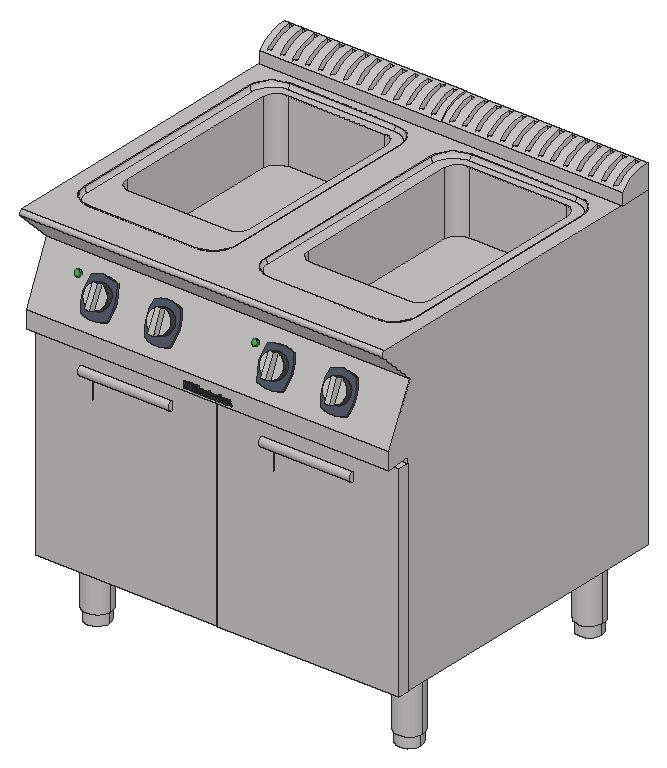
Revit family "QF_ELECTROLUXPROFESSIONAL_371099_E7PCEH2KF0", category Specialty Equipment, Revit 2018
Family settings
  Round Connector Dimension = Use Diameter
  Part Type = Normal
  Work Plane-Based = No
  Always vertical = Yes
  Cut with Voids When Loaded = No
  Shared = No
  Room Calculation Point = No
Parameters
  Width = 800 mm  # constant formula
  Weight in Pounds = 110  # constant formula
  Watts = 12000 VA  # 12000 W
  Waste Water Discharge Temperature [instance] = -459.67 °F
  Volts = 400 V  # constant formula
  URL Cutsheet = "www.electrolux.com/foodservice"
  URL = "www.electrolux.com/foodservice"
  Type Mark [instance] = ""
  Status [instance] = ""
  Specification by User [instance] = ""
  Specification by Manufacturer = ""
  Show Logo [instance] = yes
  Show Clearance [instance] = yes
  Serial Number = ""
  Seismic Rating = ""
  SMACNA No = ""
  Revision Code [instance] = ""
  Plumbing Remarks [instance] = ""
  Plumbing Connection Type [instance] = ""
  Phase = 3  # constant formula
  Omniclass Number and Title = ""
  Number of Poles [instance] = 1
  NAFEM Spec ID Number = ""
  Model = "371099"
  Min Ckt Ampacity = 0 A
  Max Overcurrent Protection = 0 A
  Masterspec = ""
  Manufacturer = "ELECTROLUX"
  Item Number [instance] = ""
  Installed By [instance] = ""
  Indirect Waste Size = 25.4 mm  # 1"
  Indirect Waste Flow [instance] = 0 GPM
  Indirect Waste Connection Type [instance] = ""
  Indirect Waste Connection Height = 0 mm
  Identify Quantity as Lot [instance] = yes
  Height = 333 mm  # constant formula
  HP = "16.1 HP"
  Furnished By [instance] = ""
  Foodservice Equipment Identifier [instance] = yes
  FL Amps = if(Phase = 3, Watts / (Volts * 1.73), Watts / Volts)  # 17.341 A
  Electrical Remarks [instance] = "400 V/3N ph/50/60 Hz"  # constant formula
  Electric Connection Type [instance] = ""
  Elec Conn RI Height [instance] = 0 mm
  Elec Conn Connection Height [instance] = 0 mm
  Direct Waste Size = 1"
  Description = "700XP Freestanding Electric Pasta Cooker, 24.5 Lt. Well, 2 Wells - 400V"
  Depth = 730 mm  # constant formula
  Cycle = if([60 Hertz Option], 60 Hz, 50 Hz)  # 60 Hz
  Conn Plug = ""
  Conn Conduit = yes
  Cold Water Temperature Recommended [instance] = -459.67 °F
  Cold Water Size = 12.7 mm  # 1/2"
  Cold Water RI Height [instance] = 0 mm
  Cold Water Minimum Pressure [instance] = 0.00 psi
  Cold Water Maximum Pressure [instance] = 0.00 psi
  Cold Water Flow [instance] = 0 GPM
  Cold Water Consumption [instance] = ""
  Cold Water Connection Height = 0 mm
  CSI MasterFormat = ""
  CSI Master Format = ""
  Base Height [instance] = 150 mm  # constant formula
  Apparent Power = if(Phase = 3, Volts * FL Amps * 1.73, Volts * FL Amps)  # 12000 VA
  60 Hertz Option = not([50 Hertz Option])  # yes
  50 Hertz Option = no
Reference planes
  plane 1 "BACK": y = 0
  plane 2: z = 0
  plane 3 "LEFT": x = 0
  plane 4 "RIGHT": x = 800
  plane 5 "FRONT": y = -730
  plane 6 "TOP": z = 905.238
  plane 7 "Center Y": x = 400
  plane 8 "Center X": y = -365
  plane 9 "BASE": z = 601
  plane 10 "TOP A": z = 850.238
  plane 11: y = -597.884
  plane 12: y = -147.637
  plane 13: z = 942.313
  plane 14: z = 150
Forms (mm)
  Extrusion 1, solid, material "QF_Finishes_Stainless Steel"
    sketch origin (0, 0, 0) x (0, 1, 0) y (0, 0, 1)
      loop
        line (0, 850.237) -> (-725.027, 850.237)
        arc (-725.027, 850.237) -> (-730.893, 846.318) -> (-729.517, 839.397) r 6.35
        line (-729.517, 839.397) -> (-657.416, 767.047) -> (-713.522, 646.19) -> (-713.522, 608.09) -> (-660.4, 613.7) -> (-660.4, 150) -> (0, 150) -> (0, 850.237)
      loop
        line (-661.987, 601) -> (-687.387, 601) -> (-687.387, 150) -> (-661.987, 150) -> (-661.987, 601)
    from 0 to 800
  Extrusion 2, solid, material "QF_Finishes_Stainless Steel"
    sketch origin (0, 0, 0) x (0, 1, 0) y (0, 0, 1)
      loop
        line (0, 850.237) -> (0, 905.237)
        arc (0, 905.237) -> (-38.078, 897.879) -> (-69.85, 875.637) r 93.057
        line (-69.85, 875.637) -> (-69.85, 850.237) -> (0, 850.237)
    from 0 to 800
  Extrusion 3, void
    sketch origin (0, 0, 850.238) x (-1, 0, 0) y (0, -1, 0)
      loop
        arc (-316.662, 645.265) -> (-352.018, 630.62) -> (-366.662, 595.265) r 50
        line (-366.662, 595.265) -> (-366.662, 140.124)
        arc (-366.662, 140.124) -> (-352.018, 104.769) -> (-316.662, 90.124) r 50
        line (-316.662, 90.124) -> (-83.338, 90.124)
        arc (-83.338, 90.124) -> (-47.982, 104.769) -> (-33.338, 140.124) r 50
        line (-33.338, 140.124) -> (-33.338, 595.265)
        arc (-33.338, 595.265) -> (-47.982, 630.62) -> (-83.338, 645.265) r 50
        line (-83.338, 645.265) -> (-316.662, 645.265)
      loop
        line (-483.337, 645.265) -> (-716.662, 645.265)
        arc (-716.662, 645.265) -> (-752.018, 630.62) -> (-766.662, 595.265) r 50
        line (-766.662, 595.265) -> (-766.662, 140.124)
        arc (-766.662, 140.124) -> (-752.018, 104.769) -> (-716.662, 90.124) r 50
        line (-716.662, 90.124) -> (-483.337, 90.124)
        arc (-483.337, 90.124) -> (-447.982, 104.769) -> (-433.337, 140.124) r 50
        line (-433.337, 140.124) -> (-433.337, 595.265)
        arc (-433.337, 595.265) -> (-447.982, 630.62) -> (-483.337, 645.265) r 50
    from 0 to -152.4
  Extrusion 4, void
    sketch origin (0, 0, 850.238) x (-1, 0, 0) y (0, -1, 0)
      loop
        line (-13.453, 6.761) -> (-13.453, 63.911) -> (-22.749, 63.911) -> (-22.749, 6.761) -> (-13.453, 6.761)
    from 25.4 to 63.5
  Extrusion 5, solid, material "QF_Finishes_Navy Blue"
    sketch origin (75, -713.522, 646.19) x (0, 0.421077, 0.907025) y (-1, 0, 0)
      loop
        arc (101.077, -565.788) -> (66.2, -558.771) -> (31.333, -565.832) r 89.894
        arc (31.333, -565.832) -> (24.638, -594.363) -> (31.333, -622.893) r 64.14
        arc (31.333, -622.893) -> (66.2, -629.955) -> (101.077, -622.938) r 89.894
        arc (101.077, -622.938) -> (107.792, -594.363) -> (101.077, -565.788) r 64.16
      loop
        arc (101.077, -176.921) -> (66.2, -169.907) -> (31.333, -176.965) r 89.935
        arc (31.333, -176.965) -> (24.618, -205.54) -> (31.333, -234.115) r 64.16
        arc (31.333, -234.115) -> (66.2, -241.17) -> (101.077, -234.16) r 89.976
        arc (101.077, -234.16) -> (107.812, -205.54) -> (101.077, -176.921) r 64.179
      loop
        arc (101.077, -425.788) -> (66.2, -418.771) -> (31.333, -425.832) r 89.894
        arc (31.333, -425.832) -> (24.638, -454.363) -> (31.333, -482.893) r 64.14
        arc (31.333, -482.893) -> (66.2, -489.955) -> (101.077, -482.938) r 89.894
        arc (101.077, -482.938) -> (107.792, -454.363) -> (101.077, -425.788) r 64.16
      loop
        arc (101.077, -36.921) -> (66.2, -29.904) -> (31.333, -36.965) r 89.894
        arc (31.333, -36.965) -> (24.638, -65.496) -> (31.333, -94.027) r 64.14
        arc (31.333, -94.027) -> (66.2, -101.092) -> (101.077, -94.071) r 89.853
        arc (101.077, -94.071) -> (107.792, -65.496) -> (101.077, -36.921) r 64.16
    from 0 to 3.175
  Extrusion 6, solid, material "QF_Finishes_Stainless Steel"
    sketch origin (75, -716.402, 647.527) x (0, 0.421077, 0.907025) y (-1, 0, 0)
      loop
        circle (68.826, -594.351) r 25.4
      loop
        circle (68.826, -205.413) r 25.4
      loop
        circle (68.826, -454.351) r 25.4
      loop
        circle (68.826, -65.528) r 25.4
    from 0 to 12.7
  Extrusion 7, solid, material "QF_Finishes_Stainless Steel"
    sketch origin (75, -727.921, 652.875) x (0, 0.421077, 0.907025) y (-1, 0, 0)
      loop
        arc (93.558, -600.137) -> (94.226, -594.351) -> (93.558, -588.564) r 25.4
        line (93.558, -588.564) -> (44.094, -588.564)
        arc (44.094, -588.564) -> (43.426, -594.351) -> (44.094, -600.137) r 25.4
        line (44.094, -600.137) -> (93.558, -600.137)
      loop
        arc (93.558, -211.199) -> (94.226, -205.413) -> (93.558, -199.627) r 25.4
        line (93.558, -199.627) -> (44.094, -199.627)
        arc (44.094, -199.627) -> (43.426, -205.413) -> (44.094, -211.199) r 25.4
        line (44.094, -211.199) -> (93.558, -211.199)
      loop
        arc (93.558, -460.137) -> (94.226, -454.351) -> (93.558, -448.564) r 25.4
        line (93.558, -448.564) -> (44.094, -448.564)
        arc (44.094, -448.564) -> (43.426, -454.351) -> (44.094, -460.137) r 25.4
        line (44.094, -460.137) -> (93.558, -460.137)
      loop
        arc (93.558, -71.314) -> (94.226, -65.528) -> (93.558, -59.742) r 25.4
        line (93.558, -59.742) -> (44.094, -59.742)
        arc (44.094, -59.742) -> (43.426, -65.528) -> (44.094, -71.314) r 25.4
        line (44.094, -71.314) -> (93.558, -71.314)
    from 0 to 12.7
  Extrusion 8, solid, material "QF_Finishes_Green"
    sketch origin (-55, -713.522, 646.19) x (0, 0.421077, 0.907025) y (-1, 0, 0)
      loop
        circle (93.566, -530.485) r 6.35
      loop
        circle (93.566, -138.473) r 6.35
    from 0 to 3.175
  Extrusion 9, solid, material "QF_Finishes_Clearance", visible <- "Show Clearance", detail levels coarse
    sketch origin (0, 0, 0) x (1, 0, 0) y (0, 1, 0)
      loop
        line (0, -731.377) -> (0, 0) -> (800, 0) -> (800, -731.377) -> (950.019, -731.377) -> (950.019, 150.019) -> (-150.019, 150.019) -> (-150.019, -731.377) -> (0, -731.377)
    from 0 to 905.237
  Extrusion 10, void
    sketch origin (361.95, 0, 850.237) x (-1, 0, 0) y (0, -1, 0)
      loop
        line (-13.403, 6.761) -> (-13.403, 63.911) -> (-22.699, 63.911) -> (-22.699, 6.761) -> (-13.403, 6.761)
    from 25.4 to 63.5
  Extrusion 11, void
    sketch origin (27.842, 0, 850.238) x (-1, 0, 0) y (0, -1, 0)
      loop
        line (-13.453, 6.761) -> (-13.453, 63.911) -> (-22.749, 63.911) -> (-22.749, 6.761) -> (-13.453, 6.761)
    from 25.4 to 63.5
  Extrusion 12, void
    sketch origin (55.685, 0, 850.238) x (-1, 0, 0) y (0, -1, 0)
      loop
        line (-13.453, 6.761) -> (-13.453, 63.911) -> (-22.749, 63.911) -> (-22.749, 6.761) -> (-13.453, 6.761)
    from 25.4 to 63.5
  Extrusion 13, void
    sketch origin (83.527, 0, 850.238) x (-1, 0, 0) y (0, -1, 0)
      loop
        line (-13.453, 6.761) -> (-13.453, 63.911) -> (-22.749, 63.911) -> (-22.749, 6.761) -> (-13.453, 6.761)
    from 25.4 to 63.5
  Extrusion 14, void
    sketch origin (111.369, 0, 850.237) x (-1, 0, 0) y (0, -1, 0)
      loop
        line (-13.453, 6.761) -> (-13.453, 63.911) -> (-22.749, 63.911) -> (-22.749, 6.761) -> (-13.453, 6.761)
    from 25.4 to 63.5
  Extrusion 15, void
    sketch origin (139.212, 0, 850.237) x (-1, 0, 0) y (0, -1, 0)
      loop
        line (-13.453, 6.761) -> (-13.453, 63.911) -> (-22.749, 63.911) -> (-22.749, 6.761) -> (-13.453, 6.761)
    from 25.4 to 63.5
  Extrusion 16, void
    sketch origin (167.054, 0, 850.237) x (-1, 0, 0) y (0, -1, 0)
      loop
        line (-13.453, 6.761) -> (-13.453, 63.911) -> (-22.749, 63.911) -> (-22.749, 6.761) -> (-13.453, 6.761)
    from 25.4 to 63.5
  Extrusion 17, void
    sketch origin (194.896, 0, 850.237) x (-1, 0, 0) y (0, -1, 0)
      loop
        line (-13.403, 6.761) -> (-13.403, 63.911) -> (-22.699, 63.911) -> (-22.699, 6.761) -> (-13.403, 6.761)
    from 25.4 to 63.5
  Extrusion 18, void
    sketch origin (222.738, 0, 850.237) x (-1, 0, 0) y (0, -1, 0)
      loop
        line (-13.403, 6.761) -> (-13.403, 63.911) -> (-22.699, 63.911) -> (-22.699, 6.761) -> (-13.403, 6.761)
    from 25.4 to 63.5
  Extrusion 19, void
    sketch origin (250.581, 0, 850.237) x (-1, 0, 0) y (0, -1, 0)
      loop
        line (-13.403, 6.761) -> (-13.403, 63.911) -> (-22.699, 63.911) -> (-22.699, 6.761) -> (-13.403, 6.761)
    from 25.4 to 63.5
  Extrusion 20, void
    sketch origin (278.423, 0, 850.237) x (-1, 0, 0) y (0, -1, 0)
      loop
        line (-13.403, 6.761) -> (-13.403, 63.911) -> (-22.699, 63.911) -> (-22.699, 6.761) -> (-13.403, 6.761)
    from 25.4 to 63.5
  Extrusion 21, void
    sketch origin (306.265, 0, 850.237) x (-1, 0, 0) y (0, -1, 0)
      loop
        line (-13.403, 6.761) -> (-13.403, 63.911) -> (-22.699, 63.911) -> (-22.699, 6.761) -> (-13.403, 6.761)
    from 25.4 to 63.5
  Extrusion 22, void
    sketch origin (334.108, 0, 850.237) x (-1, 0, 0) y (0, -1, 0)
      loop
        line (-13.403, 6.761) -> (-13.403, 63.911) -> (-22.699, 63.911) -> (-22.699, 6.761) -> (-13.403, 6.761)
    from 25.4 to 63.5
  Extrusion 23, void
    sketch origin (800.1, 0, 850.237) x (1, 0, 0) y (0, 1, 0)
      loop
        line (-13.553, -6.761) -> (-22.849, -6.761) -> (-22.849, -63.911) -> (-13.553, -63.911) -> (-13.553, -6.761)
    from 25.4 to 63.5
  Extrusion 24, void
    sketch origin (438.15, 0, 850.237) x (1, 0, 0) y (0, 1, 0)
      loop
        line (-13.503, -6.761) -> (-22.799, -6.761) -> (-22.799, -63.911) -> (-13.503, -63.911) -> (-13.503, -6.761)
    from 25.4 to 63.5
  Extrusion 25, void
    sketch origin (772.258, 0, 850.237) x (1, 0, 0) y (0, 1, 0)
      loop
        line (-13.553, -6.761) -> (-22.849, -6.761) -> (-22.849, -63.911) -> (-13.553, -63.911) -> (-13.553, -6.761)
    from 25.4 to 63.5
  Extrusion 26, void
    sketch origin (744.415, 0, 850.237) x (1, 0, 0) y (0, 1, 0)
      loop
        line (-13.553, -6.761) -> (-22.849, -6.761) -> (-22.849, -63.911) -> (-13.553, -63.911) -> (-13.553, -6.761)
    from 25.4 to 63.5
  Extrusion 27, void
    sketch origin (716.573, 0, 850.237) x (1, 0, 0) y (0, 1, 0)
      loop
        line (-13.553, -6.761) -> (-22.849, -6.761) -> (-22.849, -63.911) -> (-13.553, -63.911) -> (-13.553, -6.761)
    from 25.4 to 63.5
  Extrusion 28, void
    sketch origin (688.731, 0, 850.237) x (1, 0, 0) y (0, 1, 0)
      loop
        line (-13.553, -6.761) -> (-22.849, -6.761) -> (-22.849, -63.911) -> (-13.553, -63.911) -> (-13.553, -6.761)
    from 25.4 to 63.5
  Extrusion 29, void
    sketch origin (660.888, 0, 850.237) x (1, 0, 0) y (0, 1, 0)
      loop
        line (-13.553, -6.761) -> (-22.849, -6.761) -> (-22.849, -63.911) -> (-13.553, -63.911) -> (-13.553, -6.761)
    from 25.4 to 63.5
  Extrusion 30, void
    sketch origin (633.046, 0, 850.237) x (1, 0, 0) y (0, 1, 0)
      loop
        line (-13.553, -6.761) -> (-22.849, -6.761) -> (-22.849, -63.911) -> (-13.553, -63.911) -> (-13.553, -6.761)
    from 25.4 to 63.5
  Extrusion 31, void
    sketch origin (605.204, 0, 850.237) x (1, 0, 0) y (0, 1, 0)
      loop
        line (-13.503, -6.761) -> (-22.799, -6.761) -> (-22.799, -63.911) -> (-13.503, -63.911) -> (-13.503, -6.761)
    from 25.4 to 63.5
  Extrusion 32, void
    sketch origin (577.362, 0, 850.237) x (1, 0, 0) y (0, 1, 0)
      loop
        line (-13.503, -6.761) -> (-22.799, -6.761) -> (-22.799, -63.911) -> (-13.503, -63.911) -> (-13.503, -6.761)
    from 25.4 to 63.5
  Extrusion 33, void
    sketch origin (549.519, 0, 850.237) x (1, 0, 0) y (0, 1, 0)
      loop
        line (-13.503, -6.761) -> (-22.799, -6.761) -> (-22.799, -63.911) -> (-13.503, -63.911) -> (-13.503, -6.761)
    from 25.4 to 63.5
  Extrusion 34, void
    sketch origin (521.677, 0, 850.237) x (1, 0, 0) y (0, 1, 0)
      loop
        line (-13.503, -6.761) -> (-22.799, -6.761) -> (-22.799, -63.911) -> (-13.503, -63.911) -> (-13.503, -6.761)
    from 25.4 to 63.5
  Extrusion 35, void
    sketch origin (493.835, 0, 850.237) x (1, 0, 0) y (0, 1, 0)
      loop
        line (-13.503, -6.761) -> (-22.799, -6.761) -> (-22.799, -63.911) -> (-13.503, -63.911) -> (-13.503, -6.761)
    from 25.4 to 63.5
  Extrusion 36, void
    sketch origin (465.992, 0, 850.237) x (1, 0, 0) y (0, 1, 0)
      loop
        line (-13.503, -6.761) -> (-22.799, -6.761) -> (-22.799, -63.911) -> (-13.503, -63.911) -> (-13.503, -6.761)
    from 25.4 to 63.5
  Extrusion 37, void
    sketch origin (418.151, 0, 850.237) x (1, 0, 0) y (0, 1, 0)
      loop
        line (-16.563, 0) -> (-19.738, 0) -> (-19.738, -69.85) -> (-16.563, -69.85) -> (-16.563, 0)
    from 25.4 to 63.5
  Extrusion 38, void
    sketch origin (0, -660.4, 601) x (0, 0, 1) y (-1, 0, 0)
      loop
        line (0, -398.363) -> (-451, -398.363) -> (-451, -401.538) -> (0, -401.538) -> (0, -398.363)
    from 0 to 27
  Extrusion 39, void
    sketch origin (200.025, 0, 0) x (0, 1, 0) y (0, 0, 1)
      loop
        line (-687.137, 541) -> (-687.137, 499.788) -> (-672.137, 541) -> (-687.137, 541)
    from -75 to 75
  Extrusion 40, solid, material "QF_Finishes_Stainless Steel"
    sketch origin (200.025, 0, 0) x (0, 1, 0) y (0, 0, 1)
      loop
        line (-687.137, 541) -> (-687.137, 561)
        arc (-687.137, 561) -> (-697.137, 551) -> (-687.137, 541) r 10
    from -100 to 100
  Extrusion 41, void
    sketch origin (600.075, 0, 0) x (0, 1, 0) y (0, 0, -1)
      loop
        line (-687.137, -541) -> (-672.137, -541) -> (-687.137, -499.788) -> (-687.137, -541)
    from -75 to 75
  Extrusion 42, solid, material "QF_Finishes_Stainless Steel"
    sketch origin (600.075, 0, 0) x (0, 1, 0) y (0, 0, -1)
      loop
        arc (-687.137, -541) -> (-697.137, -551) -> (-687.137, -561) r 10
        line (-687.137, -561) -> (-687.137, -541)
    from -100 to 100
  Revolve 43, solid, material "QF_Finishes_Stainless Steel"
    sketch origin (0, -587.387, 608.09) x (0, 0, 1) y (-1, 0, 0)
      loop
        line (-608.09, -56) -> (-458.09, -56) -> (-458.09, -26) -> (-583.09, -26) -> (-583.09, -29.75) -> (-608.09, -29.75) -> (-608.09, -56)
      axis (-608.09, -56) -> (-458.09, -56)
    angle from 0 to 360
  Revolve 44, solid, material "QF_Finishes_Stainless Steel"
    sketch origin (0, -90, 608.09) x (0, 0, 1) y (-1, 0, 0)
      loop
        line (-608.09, -56) -> (-458.09, -56) -> (-458.09, -26) -> (-583.09, -26) -> (-583.09, -29.75) -> (-608.09, -29.75) -> (-608.09, -56)
      axis (-608.09, -56) -> (-458.09, -56)
    angle from 0 to 360
  Revolve 45, solid, material "QF_Finishes_Stainless Steel"
    sketch origin (800.1, -587.387, 608.09) x (0, 0, 1) y (-1, 0, 0)
      loop
        line (-608.09, 56.1) -> (-608.09, 29.85) -> (-583.09, 29.85) -> (-583.09, 26.1) -> (-458.09, 26.1) -> (-458.09, 56.1) -> (-608.09, 56.1)
      axis (-608.09, 56.1) -> (-458.09, 56.1)
    angle from 0 to 360
  Revolve 46, solid, material "QF_Finishes_Stainless Steel"
    sketch origin (800.1, -90, 608.09) x (0, 0, 1) y (-1, 0, 0)
      loop
        line (-608.09, 56.1) -> (-608.09, 29.85) -> (-583.09, 29.85) -> (-583.09, 26.1) -> (-458.09, 26.1) -> (-458.09, 56.1) -> (-608.09, 56.1)
      axis (-608.09, 56.1) -> (-458.09, 56.1)
    angle from 0 to 360
  Extrusion 47, solid, material "QF_Finishes_Door Clearance", visible <- "Show Clearance", detail levels coarse
    sketch origin (0, 0, 850.238) x (-1, 0, 0) y (0, -1, 0)
      loop
        arc (-401.587, 687.137) -> (-518.28, 968.858) -> (-800, 1085.55) r 398.413
        line (-800, 1085.55) -> (-800, 687.137) -> (-401.587, 687.137)
      loop
        line (-398.412, 687.138) -> (0, 687.137) -> (0, 1085.55)
        arc (0, 1085.55) -> (-281.72, 968.858) -> (-398.412, 687.138) r 398.412
    from -700.237 to -249.237
  Extrusion 48, solid, material "QF_Finishes_Stainless Steel"
    sketch origin (-77.88, -4572, 150) x (-1, 0, 0) y (0, -1, 0)
      loop
        circle (-676.88, -4201) r 12.7
      loop
        circle (-709.88, -3991) r 12.7
      loop
        circle (-812.88, -4071) r 6.35
    from 0 to -12.7
  Extrusion 49, solid, material "QF_Finishes_Stainless Steel"
    sketch origin (-77.88, -4572, 850.238) x (-1, 0, 0) y (0, -1, 0)
      loop
        line (-111.217, -4431.876) -> (-111.217, -3976.735)
        arc (-111.217, -3976.735) -> (-125.862, -3941.38) -> (-161.217, -3926.735) r 50
        line (-161.217, -3926.735) -> (-394.542, -3926.735)
        arc (-394.542, -3926.735) -> (-429.897, -3941.38) -> (-444.542, -3976.735) r 50
        line (-444.542, -3976.735) -> (-444.542, -4431.876)
        arc (-444.542, -4431.876) -> (-429.897, -4467.231) -> (-394.542, -4481.876) r 50
        line (-394.542, -4481.876) -> (-161.217, -4481.876)
        arc (-161.217, -4481.876) -> (-125.862, -4467.231) -> (-111.217, -4431.876) r 50
      loop
        arc (-414.542, -4431.876) -> (-405.755, -4453.089) -> (-384.542, -4461.876) r 30
        line (-384.542, -4461.876) -> (-171.217, -4461.876)
        arc (-171.217, -4461.876) -> (-150.004, -4453.089) -> (-141.217, -4431.876) r 30
        line (-141.217, -4431.876) -> (-141.217, -4056.735)
        arc (-141.217, -4056.735) -> (-150.004, -4035.522) -> (-171.217, -4026.735) r 30
        line (-171.217, -4026.735) -> (-384.542, -4026.735)
        arc (-384.542, -4026.735) -> (-405.755, -4035.522) -> (-414.542, -4056.735) r 30
        line (-414.542, -4056.735) -> (-414.542, -4431.876)
      loop
        arc (-844.542, -4431.876) -> (-829.897, -4467.231) -> (-794.542, -4481.876) r 50
        line (-794.542, -4481.876) -> (-561.217, -4481.876)
        arc (-561.217, -4481.876) -> (-525.862, -4467.231) -> (-511.217, -4431.876) r 50
        line (-511.217, -4431.876) -> (-511.217, -3976.735)
        arc (-511.217, -3976.735) -> (-525.862, -3941.38) -> (-561.217, -3926.735) r 50
        line (-561.217, -3926.735) -> (-794.542, -3926.735)
        arc (-794.542, -3926.735) -> (-829.897, -3941.38) -> (-844.542, -3976.735) r 50
        line (-844.542, -3976.735) -> (-844.542, -4431.876)
      loop
        line (-541.217, -4431.876) -> (-541.217, -4056.735)
        arc (-541.217, -4056.735) -> (-550.004, -4035.522) -> (-571.217, -4026.735) r 30
        line (-571.217, -4026.735) -> (-784.542, -4026.735)
        arc (-784.542, -4026.735) -> (-805.755, -4035.522) -> (-814.542, -4056.735) r 30
        line (-814.542, -4056.735) -> (-814.542, -4431.876)
        arc (-814.542, -4431.876) -> (-805.755, -4453.089) -> (-784.542, -4461.876) r 30
        line (-784.542, -4461.876) -> (-571.217, -4461.876)
        arc (-571.217, -4461.876) -> (-550.004, -4453.089) -> (-541.217, -4431.876) r 30
    from -12.7 to -152.4
  Sweep 50, solid, material "QF_Finishes_Stainless Steel"
    path origin (-77.88, -4572, 850.238) x (-1, 0, 0) y (0, -1, 0)
      loop
        line (-111.217, -4431.876) -> (-111.217, -3976.735)
        arc (-111.217, -3976.735) -> (-125.862, -3941.38) -> (-161.217, -3926.735) r 50
        line (-161.217, -3926.735) -> (-394.542, -3926.735)
        arc (-394.542, -3926.735) -> (-429.897, -3941.38) -> (-444.542, -3976.735) r 50
        line (-444.542, -3976.735) -> (-444.542, -4431.876)
        arc (-444.542, -4431.876) -> (-429.897, -4467.231) -> (-394.542, -4481.876) r 50
        line (-394.542, -4481.876) -> (-161.217, -4481.876)
        arc (-161.217, -4481.876) -> (-125.862, -4467.231) -> (-111.217, -4431.876) r 50
    profile origin (33.338, -367.694, 850.238) x (1, 0, 0) y (0, 0, 1)
      loop
        line (0, 0) -> (0, -10.84) -> (5.055, -10.84)
        arc (5.055, -10.84) -> (1.326, -5.98) -> (0, 0) r 14.151
  Sweep 51, solid, material "QF_Finishes_Stainless Steel"
    path origin (877.98, -4572, 850.237) x (1, 0, 0) y (0, 1, 0)
      loop
        arc (-111.317, 4431.876) -> (-125.962, 4467.231) -> (-161.317, 4481.876) r 50
        line (-161.317, 4481.876) -> (-394.642, 4481.876)
        arc (-394.642, 4481.876) -> (-429.997, 4467.231) -> (-444.642, 4431.876) r 50
        line (-444.642, 4431.876) -> (-444.642, 3976.735)
        arc (-444.642, 3976.735) -> (-429.997, 3941.38) -> (-394.642, 3926.735) r 50
        line (-394.642, 3926.735) -> (-161.317, 3926.735)
        arc (-161.317, 3926.735) -> (-125.962, 3941.38) -> (-111.317, 3976.735) r 50
        line (-111.317, 3976.735) -> (-111.317, 4431.876)
    profile origin (766.662, -367.694, 850.237) x (1, 0, 0) y (0, 0, 1)
      loop
        arc (0, 0) -> (-1.326, -5.98) -> (-5.055, -10.84) r 14.151
        line (-5.055, -10.84) -> (0, -10.84) -> (0, 0)
  Extrusion 52, solid, material "QF_Finishes_Navy Blue", visible <- "Show Logo"
    sketch origin (60.791, -713.772, 608.09) x (0, 0, 1) y (-1, 0, 0)
      loop
        line (20.674, -296.698) -> (8.307, -296.698)
        arc (8.307, -296.698) -> (14.491, -301.27) -> (20.674, -296.698) r 6.467
      loop
        arc (20.674, -296.069) -> (19.505, -290.926) -> (14.849, -288.448) r 6.338
        line (14.849, -288.448) -> (14.849, -290.494)
        arc (14.849, -290.494) -> (16.333, -294.149) -> (19.778, -296.069) r 5.941
        line (19.778, -296.069) -> (20.674, -296.069)
      loop
        arc (9.203, -296.069) -> (12.648, -294.149) -> (14.132, -290.494) r 5.941
        line (14.132, -290.494) -> (14.132, -288.448)
        arc (14.132, -288.448) -> (9.438, -290.922) -> (8.148, -296.069) r 6.504
        line (8.148, -296.069) -> (9.203, -296.069)
      loop
        line (21.349, -287.979) -> (7.604, -287.979) -> (7.604, -301.742) -> (21.349, -301.742) -> (21.349, -287.979)
      loop
        arc (21.432, -304.71) -> (21.085, -304.352) -> (20.718, -304.69) r 0.358
        arc (20.718, -304.69) -> (20.404, -305.44) -> (19.687, -305.825) r 1.216
        line (19.687, -305.825) -> (9.274, -305.825)
        arc (9.274, -305.825) -> (8.614, -305.548) -> (8.218, -304.951) r 1.238
        arc (8.218, -304.951) -> (7.823, -304.7) -> (7.518, -305.054) r 0.358
        line (7.518, -305.054) -> (7.518, -314.933) -> (10.269, -314.933) -> (10.269, -314.036)
        arc (10.269, -314.036) -> (9.36, -313.456) -> (8.904, -312.479) r 1.928
        line (8.904, -312.479) -> (8.904, -309.98)
        arc (8.904, -309.98) -> (9.18, -309.251) -> (9.868, -308.887) r 1.101
        line (9.868, -308.887) -> (13.955, -308.887) -> (13.955, -312.561)
        arc (13.955, -312.561) -> (13.602, -313.058) -> (13.037, -313.286) r 1.083
        arc (13.037, -313.286) -> (12.773, -313.591) -> (13.065, -313.869) r 0.292
        line (13.065, -313.869) -> (16.028, -313.869)
        arc (16.028, -313.869) -> (16.33, -313.596) -> (16.092, -313.266) r 0.305
        arc (16.092, -313.266) -> (15.601, -313.018) -> (15.296, -312.561) r 1.083
        line (15.296, -312.561) -> (15.296, -308.887) -> (19.973, -308.887) -> (19.973, -312.635)
        arc (19.973, -312.635) -> (19.759, -313.39) -> (19.153, -313.888) r 1.314
        arc (19.153, -313.888) -> (18.934, -314.292) -> (19.288, -314.585) r 0.361
        line (19.288, -314.585) -> (21.432, -314.585) -> (21.432, -304.71)
      loop
        arc (20.715, -315.365) -> (20.335, -316.284) -> (19.416, -316.664) r 1.299
        line (19.416, -316.664) -> (9.837, -316.664)
        arc (9.837, -316.664) -> (8.999, -316.286) -> (8.728, -315.408) r 1.118
        line (8.728, -315.408) -> (7.518, -315.408) -> (7.518, -320.758) -> (8.706, -320.758)
        arc (8.706, -320.758) -> (8.978, -319.841) -> (9.848, -319.445) r 1.153
        line (9.848, -319.445) -> (21.92, -319.445) -> (20.715, -315.365)
      loop
        line (12.483, -323.394) -> (12.483, -329.842) -> (13.282, -329.842)
        arc (13.282, -329.842) -> (15.862, -328.857) -> (17.131, -326.404) r 3.874
        line (17.131, -326.404) -> (17.131, -324.643)
        arc (17.131, -324.643) -> (15.944, -321.778) -> (13.08, -320.592) r 4.051
        line (13.08, -320.592) -> (11.072, -320.592)
        arc (11.072, -320.592) -> (8.253, -322.077) -> (7.202, -325.084) r 4.352
        arc (7.202, -325.084) -> (7.566, -327.547) -> (8.943, -329.621) r 5.713
        line (8.943, -329.621) -> (9.892, -329.621)
        arc (9.892, -329.621) -> (9.16, -328.052) -> (8.943, -326.334) r 5.579
        arc (8.943, -326.334) -> (9.737, -324.371) -> (11.616, -323.394) r 3.057
        line (11.616, -323.394) -> (12.483, -323.394)
      loop
        line (13.742, -323.394) -> (13.742, -326.977)
        arc (13.742, -326.977) -> (15.199, -327.024) -> (16.082, -325.864) r 1.59
        line (16.082, -325.864) -> (16.082, -325.034)
        arc (16.082, -325.034) -> (15.217, -323.779) -> (13.742, -323.394) r 2.184
      loop
        arc (16.533, -339.259) -> (17.022, -337.585) -> (17.179, -335.848) r 9.023
        line (17.179, -335.848) -> (17.179, -334.486)
        arc (17.179, -334.486) -> (16.02, -331.686) -> (13.22, -330.527) r 3.959
        line (13.22, -330.527) -> (10.62, -330.527)
        arc (10.62, -330.527) -> (8.338, -331.819) -> (7.221, -334.192) r 4.331
        line (7.221, -334.192) -> (7.221, -336.327)
        arc (7.221, -336.327) -> (7.729, -337.877) -> (8.651, -339.223) r 5.772
        arc (8.651, -339.223) -> (9.412, -339.274) -> (9.499, -338.515) r 0.553
        arc (9.499, -338.515) -> (9.111, -337.781) -> (8.977, -336.962) r 2.573
        line (8.977, -336.962) -> (8.977, -335.447)
        arc (8.977, -335.447) -> (9.983, -333.806) -> (11.798, -333.163) r 2.884
        line (11.798, -333.163) -> (13.077, -333.163)
        arc (13.077, -333.163) -> (14.898, -333.723) -> (15.824, -335.388) r 2.554
        line (15.824, -335.388) -> (15.824, -336.441)
        arc (15.824, -336.441) -> (15.493, -337.369) -> (14.836, -338.104) r 2.564
        arc (14.836, -338.104) -> (14.614, -338.821) -> (15.223, -339.259) r 0.643
        line (15.223, -339.259) -> (16.533, -339.259)
      loop
        line (15.515, -339.53) -> (15.515, -341.031) -> (9.467, -341.031)
        arc (9.467, -341.031) -> (7.879, -341.688) -> (7.221, -343.276) r 2.246
        line (7.221, -343.276) -> (7.221, -344.86)
        arc (7.221, -344.86) -> (7.535, -345.725) -> (8.035, -346.496) r 4.06
        arc (8.035, -346.496) -> (8.768, -346.629) -> (9.019, -345.928) r 0.576
        arc (9.019, -345.928) -> (8.913, -345.403) -> (8.977, -344.87) r 1.69
        arc (8.977, -344.87) -> (9.519, -344.082) -> (10.425, -343.779) r 1.506
        line (10.425, -343.779) -> (15.563, -343.779) -> (15.563, -346.176) -> (16.119, -346.733) -> (16.941, -346.733) -> (16.941, -343.873) -> (20.172, -343.873) -> (15.515, -339.53)
      loop
        line (7.438, -347.63) -> (7.438, -353.017) -> (8.548, -353.017)
        arc (8.548, -353.017) -> (8.942, -352.066) -> (9.893, -351.672) r 1.345
        line (9.893, -351.672) -> (13.509, -351.672)
        arc (13.509, -351.672) -> (14.274, -352.264) -> (14.564, -353.186) r 1.615
        line (14.564, -353.186) -> (14.564, -354.742) -> (17.119, -355.427) -> (17.119, -354.044) -> (15.177, -351.485) -> (17.057, -351.485) -> (16.773, -348.779)
        arc (16.773, -348.779) -> (16.333, -348.249) -> (15.674, -348.45) r 0.621
        arc (15.674, -348.45) -> (15.274, -348.792) -> (14.78, -348.975) r 1.501
        line (14.78, -348.975) -> (9.893, -348.975)
        arc (9.893, -348.975) -> (8.942, -348.581) -> (8.548, -347.63) r 1.345
        line (8.548, -347.63) -> (7.438, -347.63)
      loop
        line (13.54, -354.964) -> (10.848, -354.964)
        arc (10.848, -354.964) -> (8.403, -356.272) -> (7.269, -358.803) r 4.288
        arc (7.269, -358.803) -> (7.205, -360.183) -> (7.269, -361.563) r 15.022
        arc (7.269, -361.563) -> (8.403, -364.094) -> (10.848, -365.401) r 4.288
        line (10.848, -365.401) -> (13.54, -365.401)
        arc (13.54, -365.401) -> (15.986, -364.094) -> (17.119, -361.563) r 4.288
        arc (17.119, -361.563) -> (17.183, -360.183) -> (17.119, -358.803) r 15.022
        arc (17.119, -358.803) -> (15.986, -356.272) -> (13.54, -354.964) r 4.288
      loop
        line (13.745, -358.078) -> (10.643, -358.078)
        arc (10.643, -358.078) -> (8.486, -360.235) -> (10.643, -362.392) r 2.157
        line (10.643, -362.392) -> (13.745, -362.392)
        arc (13.745, -362.392) -> (15.902, -360.235) -> (13.745, -358.078) r 2.157
      loop
        arc (20.726, -365.26) -> (20.355, -366.154) -> (19.461, -366.524) r 1.264
        line (19.461, -366.524) -> (9.597, -366.524)
        arc (9.597, -366.524) -> (8.727, -366.127) -> (8.455, -365.211) r 1.153
        line (8.455, -365.211) -> (7.518, -365.211) -> (7.518, -370.319) -> (8.446, -370.319)
        arc (8.446, -370.319) -> (8.805, -369.547) -> (9.597, -369.232) r 1.153
        line (9.597, -369.232) -> (21.92, -369.232) -> (20.726, -365.26)
      loop
        arc (15.846, -369.857) -> (15.647, -370.921) -> (14.678, -371.403) r 1.215
        line (14.678, -371.403) -> (9.658, -371.403)
        arc (9.658, -371.403) -> (8.043, -372.051) -> (7.322, -373.634) r 2.338
        line (7.322, -373.634) -> (7.322, -375.148)
        arc (7.322, -375.148) -> (7.497, -376.152) -> (7.999, -377.038) r 2.979
        line (7.999, -377.038) -> (7.518, -378.835) -> (7.518, -380.524) -> (16.943, -380.524) -> (16.649, -376.32) -> (15.863, -376.32)
        arc (15.863, -376.32) -> (15.507, -377.156) -> (14.755, -377.665) r 1.605
        line (14.755, -377.665) -> (9.652, -377.665)
        arc (9.652, -377.665) -> (9.232, -376.728) -> (9.159, -375.704) r 2.94
        arc (9.159, -375.704) -> (9.72, -374.603) -> (10.873, -374.16) r 1.724
        line (10.873, -374.16) -> (17.07, -374.16) -> (15.846, -369.857)
      loop
        line (16.874, -381.377) -> (15.202, -383.423) -> (12.028, -385.729) -> (8.572, -382.617)
        arc (8.572, -382.617) -> (8.335, -382.223) -> (8.357, -381.764) r 0.789
        line (8.357, -381.764) -> (7.518, -381.764) -> (7.518, -385.309) -> (8.344, -385.309)
        arc (8.344, -385.309) -> (8.686, -384.947) -> (9.176, -385.039) r 0.52
        line (9.176, -385.039) -> (10.976, -386.51) -> (8.858, -387.886)
        arc (8.858, -387.886) -> (8.457, -387.576) -> (8.37, -387.076) r 0.7
        line (8.37, -387.076) -> (7.518, -387.076) -> (7.518, -393.003) -> (8.405, -393.003)
        arc (8.405, -393.003) -> (8.472, -392.344) -> (8.866, -391.813) r 1.247
        line (8.866, -391.813) -> (13.066, -388.532) -> (15.513, -390.585) -> (16.874, -392.327) -> (16.874, -388.604) -> (15.389, -389.026) -> (13.868, -387.749) -> (15.568, -386.559) -> (16.874, -387.336) -> (16.874, -381.377)
    from 0 to 1.644
Cuts and joins
  Extrusion 3, Extrusion 4, Extrusion 38, Extrusion 39, Extrusion 41 cuts Extrusion 1
  Extrusion 4, Extrusion 10, Extrusion 11, Extrusion 12, Extrusion 13, Extrusion 14, Extrusion 15, Extrusion 16, Extrusion 17, Extrusion 18, Extrusion 19, Extrusion 20, Extrusion 21, Extrusion 22, Extrusion 23, Extrusion 24, Extrusion 25, Extrusion 26, Extrusion 27, Extrusion 28, Extrusion 29, Extrusion 30, Extrusion 31, Extrusion 32, Extrusion 33, Extrusion 34, Extrusion 35, Extrusion 36, Extrusion 37 cuts Extrusion 2
  joined: Extrusion 6, Extrusion 7
  Extrusion 10, Extrusion 11, Extrusion 12, Extrusion 13, Extrusion 14, Extrusion 15, Extrusion 16, Extrusion 17, Extrusion 18, Extrusion 19, Extrusion 20, Extrusion 21, Extrusion 22, Extrusion 23, Extrusion 24, Extrusion 25, Extrusion 26, Extrusion 27, Extrusion 28, Extrusion 29, Extrusion 30, Extrusion 31, Extrusion 32, Extrusion 33, Extrusion 34, Extrusion 35, Extrusion 36, Extrusion 37, Extrusion 39, Extrusion 41 cuts Extrusion 9
  Extrusion 39, Extrusion 41 cuts Extrusion 40
  Extrusion 41 cuts Extrusion 42
Lines and regions (mm)
  symbolic lines, style "QF-Clearances", visible <- "Show Clearance", detail levels coarse
    curve 1: line (-150.019, 150.019, 850.238) -> (-150.019, -731.377, 850.238)
    curve 2: line (950.019, 150.019, 850.237) -> (-150.019, 150.019, 850.238)
    curve 3: line (950.019, -731.377, 850.237) -> (950.019, 150.019, 850.237)
  symbolic lines
    curve 4: line (0, 0, 850.238) -> (800, 0, 850.237)
    curve 5: line (0, -730, 850.238) -> (0, 0, 850.238)
    curve 6: line (800, -730, 850.237) -> (0, -730, 850.238)
    curve 7: line (800, 0, 850.237) -> (800, -730, 850.237)
    curve 8: line (22.699, -6.761, 850.238) -> (22.699, -63.911, 850.238)
    curve 9: line (13.403, -63.911, 850.238) -> (13.403, -6.761, 850.238)
    curve 10: line (13.403, -6.761, 850.238) -> (22.699, -6.761, 850.238)
    curve 11: line (0, -69.85, 850.238) -> (398.413, -69.85, 850.237)
    curve 12: line (384.649, -6.761, 850.237) -> (384.649, -63.911, 850.237)
    curve 13: line (375.353, -63.911, 850.237) -> (375.353, -6.761, 850.237)
    curve 14: line (375.353, -6.761, 850.237) -> (384.649, -6.761, 850.237)
    curve 15: line (50.541, -6.761, 850.238) -> (50.541, -63.911, 850.238)
    curve 16: line (41.245, -63.911, 850.238) -> (41.245, -6.761, 850.238)
    curve 17: line (41.245, -6.761, 850.238) -> (50.541, -6.761, 850.238)
    curve 18: line (78.383, -6.761, 850.238) -> (78.383, -63.911, 850.238)
    curve 19: line (69.087, -63.911, 850.238) -> (69.087, -6.761, 850.238)
    curve 20: line (69.087, -6.761, 850.238) -> (78.383, -6.761, 850.238)
    curve 21: line (106.225, -6.761, 850.237) -> (106.225, -63.911, 850.237)
    curve 22: line (96.93, -63.911, 850.238) -> (96.93, -6.761, 850.238)
    curve 23: line (96.93, -6.761, 850.238) -> (106.225, -6.761, 850.237)
    curve 24: line (134.068, -6.761, 850.237) -> (134.068, -63.911, 850.237)
    curve 25: line (124.772, -63.911, 850.237) -> (124.772, -6.761, 850.237)
    curve 26: line (124.772, -6.761, 850.237) -> (134.068, -6.761, 850.237)
    curve 27: line (161.91, -6.761, 850.237) -> (161.91, -63.911, 850.237)
    curve 28: line (152.614, -63.911, 850.237) -> (152.614, -6.761, 850.237)
    curve 29: line (152.614, -6.761, 850.237) -> (161.91, -6.761, 850.237)
    curve 30: line (189.752, -6.761, 850.237) -> (189.752, -63.911, 850.237)
    curve 31: line (180.457, -63.911, 850.237) -> (180.457, -6.761, 850.237)
    curve 32: line (180.457, -6.761, 850.237) -> (189.752, -6.761, 850.237)
    curve 33: line (217.595, -6.761, 850.237) -> (217.595, -63.911, 850.237)
    curve 34: line (208.299, -63.911, 850.237) -> (208.299, -6.761, 850.237)
    curve 35: line (208.299, -6.761, 850.237) -> (217.595, -6.761, 850.237)
    curve 36: line (245.437, -6.761, 850.237) -> (245.437, -63.911, 850.237)
    curve 37: line (236.141, -63.911, 850.237) -> (236.141, -6.761, 850.237)
    curve 38: line (236.141, -6.761, 850.237) -> (245.437, -6.761, 850.237)
    curve 39: line (273.279, -6.761, 850.237) -> (273.279, -63.911, 850.237)
    curve 40: line (263.984, -63.911, 850.237) -> (263.984, -6.761, 850.237)
    curve 41: line (263.984, -6.761, 850.237) -> (273.279, -6.761, 850.237)
    curve 42: line (301.122, -6.761, 850.237) -> (301.122, -63.911, 850.237)
    curve 43: line (291.826, -63.911, 850.237) -> (291.826, -6.761, 850.237)
    curve 44: line (291.826, -6.761, 850.237) -> (301.122, -6.761, 850.237)
    curve 45: line (328.964, -6.761, 850.237) -> (328.964, -63.911, 850.237)
    curve 46: line (319.668, -63.911, 850.237) -> (319.668, -6.761, 850.237)
    curve 47: line (319.668, -6.761, 850.237) -> (328.964, -6.761, 850.237)
    curve 48: line (356.806, -6.761, 850.237) -> (356.806, -63.911, 850.237)
    curve 49: line (347.511, -63.911, 850.237) -> (347.511, -6.761, 850.237)
    curve 50: line (347.511, -6.761, 850.237) -> (356.806, -6.761, 850.237)
    curve 51: line (777.251, -6.761, 850.237) -> (777.251, -63.911, 850.237)
    curve 52: line (786.547, -63.911, 850.237) -> (786.547, -6.761, 850.237)
    curve 53: line (786.547, -6.761, 850.237) -> (777.251, -6.761, 850.237)
    curve 54: line (415.301, -6.761, 850.237) -> (415.301, -63.911, 850.237)
    curve 55: line (424.597, -63.911, 850.237) -> (424.597, -6.761, 850.237)
    curve 56: line (424.597, -6.761, 850.237) -> (415.301, -6.761, 850.237)
    curve 57: line (749.409, -6.761, 850.237) -> (749.409, -63.911, 850.237)
    curve 58: line (758.705, -63.911, 850.237) -> (758.705, -6.761, 850.237)
    curve 59: line (758.705, -6.761, 850.237) -> (749.409, -6.761, 850.237)
    curve 60: line (721.567, -6.761, 850.237) -> (721.567, -63.911, 850.237)
    curve 61: line (730.863, -63.911, 850.237) -> (730.863, -6.761, 850.237)
    curve 62: line (730.863, -6.761, 850.237) -> (721.567, -6.761, 850.237)
    curve 63: line (693.725, -6.761, 850.237) -> (693.725, -63.911, 850.237)
    curve 64: line (703.02, -63.911, 850.237) -> (703.02, -6.761, 850.237)
    curve 65: line (703.02, -6.761, 850.237) -> (693.725, -6.761, 850.237)
    curve 66: line (665.882, -6.761, 850.237) -> (665.882, -63.911, 850.237)
    curve 67: line (675.178, -63.911, 850.237) -> (675.178, -6.761, 850.237)
    curve 68: line (675.178, -6.761, 850.237) -> (665.882, -6.761, 850.237)
    curve 69: line (638.04, -6.761, 850.237) -> (638.04, -63.911, 850.237)
    curve 70: line (647.336, -63.911, 850.237) -> (647.336, -6.761, 850.237)
    curve 71: line (647.336, -6.761, 850.237) -> (638.04, -6.761, 850.237)
    curve 72: line (610.198, -6.761, 850.237) -> (610.198, -63.911, 850.237)
    curve 73: line (619.493, -63.911, 850.237) -> (619.493, -6.761, 850.237)
    curve 74: line (619.493, -6.761, 850.237) -> (610.198, -6.761, 850.237)
    curve 75: line (582.355, -6.761, 850.237) -> (582.355, -63.911, 850.237)
    curve 76: line (591.651, -63.911, 850.237) -> (591.651, -6.761, 850.237)
    curve 77: line (591.651, -6.761, 850.237) -> (582.355, -6.761, 850.237)
    curve 78: line (554.513, -6.761, 850.237) -> (554.513, -63.911, 850.237)
    curve 79: line (563.809, -63.911, 850.237) -> (563.809, -6.761, 850.237)
    curve 80: line (563.809, -6.761, 850.237) -> (554.513, -6.761, 850.237)
    curve 81: line (526.671, -6.761, 850.237) -> (526.671, -63.911, 850.237)
    curve 82: line (535.966, -63.911, 850.237) -> (535.966, -6.761, 850.237)
    curve 83: line (535.966, -6.761, 850.237) -> (526.671, -6.761, 850.237)
    curve 84: line (498.828, -6.761, 850.237) -> (498.828, -63.911, 850.237)
    curve 85: line (508.124, -63.911, 850.237) -> (508.124, -6.761, 850.237)
    curve 86: line (508.124, -6.761, 850.237) -> (498.828, -6.761, 850.237)
    curve 87: line (470.986, -6.761, 850.237) -> (470.986, -63.911, 850.237)
    curve 88: line (480.282, -63.911, 850.237) -> (480.282, -6.761, 850.237)
    curve 89: line (480.282, -6.761, 850.237) -> (470.986, -6.761, 850.237)
    curve 90: line (443.144, -6.761, 850.237) -> (443.144, -63.911, 850.237)
    curve 91: line (452.439, -63.911, 850.237) -> (452.439, -6.761, 850.237)
    curve 92: line (452.439, -6.761, 850.237) -> (443.144, -6.761, 850.237)
    curve 93: line (401.588, -69.85, 850.237) -> (401.588, 0, 850.237)
    curve 94: line (398.413, 0, 850.237) -> (398.413, -69.85, 850.237)
    curve 95: line (401.588, -69.85, 850.237) -> (800, -69.85, 850.237)
    curve 100: line (13.453, -63.911, 0) -> (22.749, -63.911, 0)
    curve 101: line (375.403, -63.911, 0) -> (384.699, -63.911, 0)
    curve 102: line (41.295, -63.911, 0) -> (50.591, -63.911, 0)
    curve 103: line (69.137, -63.911, 0) -> (78.433, -63.911, 0)
    curve 104: line (96.98, -63.911, 0) -> (106.275, -63.911, 0)
    curve 105: line (124.822, -63.911, 0) -> (134.118, -63.911, 0)
    curve 106: line (152.664, -63.911, 0) -> (161.96, -63.911, 0)
    curve 107: line (180.507, -63.911, 0) -> (189.802, -63.911, 0)
    curve 108: line (208.349, -63.911, 0) -> (217.645, -63.911, 0)
    curve 109: line (236.191, -63.911, 0) -> (245.487, -63.911, 0)
    curve 110: line (264.034, -63.911, 0) -> (273.329, -63.911, 0)
    curve 111: line (291.876, -63.911, 0) -> (301.172, -63.911, 0)
    curve 112: line (319.718, -63.911, 0) -> (329.014, -63.911, 0)
    curve 113: line (347.561, -63.911, 0) -> (356.856, -63.911, 0)
    curve 114: line (786.597, -63.911, 0) -> (777.301, -63.911, 0)
    curve 115: line (424.647, -63.911, 0) -> (415.351, -63.911, 0)
    curve 116: line (758.755, -63.911, 0) -> (749.459, -63.911, 0)
    curve 117: line (730.913, -63.911, 0) -> (721.617, -63.911, 0)
    curve 118: line (703.07, -63.911, 0) -> (693.775, -63.911, 0)
    curve 119: line (675.228, -63.911, 0) -> (665.932, -63.911, 0)
    curve 120: line (647.386, -63.911, 0) -> (638.09, -63.911, 0)
    curve 121: line (619.543, -63.911, 0) -> (610.248, -63.911, 0)
    curve 122: line (591.701, -63.911, 0) -> (582.405, -63.911, 0)
    curve 123: line (563.859, -63.911, 0) -> (554.563, -63.911, 0)
    curve 124: line (536.016, -63.911, 0) -> (526.721, -63.911, 0)
    curve 125: line (508.174, -63.911, 0) -> (498.878, -63.911, 0)
    curve 126: line (480.332, -63.911, 0) -> (471.036, -63.911, 0)
    curve 127: line (452.489, -63.911, 0) -> (443.194, -63.911, 0)
    curve 128: line (366.662, -595.265, 850.237) -> (366.662, -140.124, 850.237)
    curve 129: arc (366.663, -140.124, 850.237) -> (352.018, -104.769, 850.237) -> (316.663, -90.124, 850.237) r 50
    curve 130: line (316.663, -90.124, 850.237) -> (83.288, -90.124, 850.238)
    curve 131: arc (83.288, -90.124, 850.238) -> (47.968, -104.754, 850.238) -> (33.338, -140.074, 850.238) r 49.95
    curve 132: line (33.338, -140.074, 850.238) -> (33.338, -595.265, 850.238)
    curve 133: arc (33.338, -595.265, 850.238) -> (47.982, -630.62, 850.238) -> (83.338, -645.265, 850.238) r 50
    curve 134: line (83.338, -645.265, 850.238) -> (316.662, -645.265, 850.237)
    curve 135: arc (316.662, -645.265, 850.237) -> (352.018, -630.62, 850.237) -> (366.662, -595.265, 850.237) r 50
    curve 136: line (93.288, -110.124, 850.238) -> (306.663, -110.124, 850.237)
    curve 137: arc (306.663, -110.124, 850.237) -> (327.876, -118.911, 850.237) -> (336.663, -140.124, 850.237) r 30
    curve 138: line (336.663, -140.124, 850.237) -> (336.663, -515.315, 850.237)
    curve 139: arc (336.663, -515.315, 850.237) -> (327.876, -536.528, 850.237) -> (306.663, -545.315, 850.237) r 30
    curve 140: line (306.663, -545.315, 850.237) -> (93.338, -545.315, 850.238)
    curve 141: arc (93.338, -545.315, 850.238) -> (72.089, -536.513, 850.238) -> (63.288, -515.265, 850.238) r 30.05
    curve 142: line (63.288, -515.265, 850.238) -> (63.288, -140.124, 850.238)
    curve 143: arc (63.288, -140.124, 850.238) -> (72.074, -118.911, 850.238) -> (93.288, -110.124, 850.238) r 30
    curve 144: line (316.663, -95.179, 850.237) -> (83.288, -95.179, 850.238)
    curve 145: arc (83.288, -95.179, 850.238) -> (51.542, -108.328, 850.238) -> (38.392, -140.074, 850.238) r 44.895
    curve 146: line (38.392, -140.074, 850.238) -> (38.392, -595.265, 850.238)
    curve 147: arc (38.392, -595.265, 850.238) -> (51.556, -627.046, 850.238) -> (83.338, -640.21, 850.238) r 44.945
    curve 148: line (83.338, -640.21, 850.238) -> (316.662, -640.21, 850.237)
    curve 149: arc (316.662, -640.21, 850.237) -> (348.444, -627.046, 850.237) -> (361.608, -595.265, 850.237) r 44.945
    curve 150: line (361.608, -595.265, 850.237) -> (361.608, -140.124, 850.237)
    curve 151: arc (361.608, -140.124, 850.237) -> (348.444, -108.343, 850.237) -> (316.663, -95.179, 850.237) r 44.945
    curve 152: line (433.338, -595.265, 850.237) -> (433.338, -140.074, 850.237)
    curve 153: arc (433.338, -140.074, 850.237) -> (447.968, -104.754, 850.237) -> (483.288, -90.124, 850.237) r 49.95
    curve 154: line (483.288, -90.124, 850.237) -> (716.662, -90.124, 850.237)
    curve 155: arc (716.662, -90.124, 850.237) -> (752.018, -104.769, 850.237) -> (766.662, -140.124, 850.237) r 50
    curve 156: line (766.662, -140.124, 850.237) -> (766.662, -595.265, 850.237)
    curve 157: arc (766.662, -595.265, 850.237) -> (752.018, -630.62, 850.237) -> (716.662, -645.265, 850.237) r 50
    curve 158: line (716.662, -645.265, 850.237) -> (483.338, -645.265, 850.237)
    curve 159: arc (483.338, -645.265, 850.237) -> (447.982, -630.62, 850.237) -> (433.338, -595.265, 850.237) r 50
    curve 160: line (706.662, -110.124, 850.237) -> (493.288, -110.124, 850.237)
    curve 161: arc (493.288, -110.124, 850.237) -> (472.074, -118.911, 850.237) -> (463.288, -140.124, 850.237) r 30
    curve 162: line (463.288, -140.124, 850.237) -> (463.288, -515.265, 850.237)
    curve 163: arc (463.288, -515.265, 850.237) -> (472.089, -536.513, 850.237) -> (493.338, -545.315, 850.237) r 30.05
    curve 164: line (493.338, -545.315, 850.237) -> (706.662, -545.315, 850.237)
    curve 165: arc (706.662, -545.315, 850.237) -> (727.876, -536.528, 850.237) -> (736.662, -515.315, 850.237) r 30
    curve 166: line (736.662, -515.315, 850.237) -> (736.662, -140.124, 850.237)
    curve 167: arc (736.662, -140.124, 850.237) -> (727.876, -118.911, 850.237) -> (706.662, -110.124, 850.237) r 30
    curve 168: line (483.288, -95.179, 850.237) -> (716.662, -95.179, 850.237)
    curve 169: arc (716.662, -95.179, 850.237) -> (748.444, -108.343, 850.237) -> (761.608, -140.124, 850.237) r 44.945
    curve 170: line (761.608, -140.124, 850.237) -> (761.608, -595.265, 850.237)
    curve 171: arc (761.608, -595.265, 850.237) -> (748.444, -627.046, 850.237) -> (716.662, -640.21, 850.237) r 44.945
    curve 172: line (716.662, -640.21, 850.237) -> (483.338, -640.21, 850.237)
    curve 173: arc (483.338, -640.21, 850.237) -> (451.556, -627.046, 850.237) -> (438.392, -595.265, 850.237) r 44.945
    curve 174: line (438.392, -595.265, 850.237) -> (438.392, -140.074, 850.237)
    curve 175: arc (438.392, -140.074, 850.237) -> (451.542, -108.328, 850.237) -> (483.288, -95.179, 850.237) r 44.895
  symbolic lines, style "QF-Door Swings"
    curve 96: arc (396.1, -730, 850.237) -> (378.721, -810.842, 850.237) -> (345.029, -886.356, 850.237) r 398.413
    curve 97: line (345.029, -886.356, 850.237) -> (74.24, -730, 850.238)
    curve 98: arc (403.9, -730, 850.237) -> (421.279, -810.842, 850.237) -> (454.971, -886.356, 850.237) r 398.413
    curve 99: line (454.971, -886.356, 850.237) -> (725.76, -730, 850.237)
Dimensions and locks
  equal spacing: plane 3 "LEFT", plane 7 "Center Y", plane 4 "RIGHT"
  "Width": plane 3 "LEFT" to plane 4 "RIGHT"
  equal spacing: plane 5 "FRONT", plane 8 "Center X", plane 1 "BACK"
  "Depth": plane 5 "FRONT" to plane 1 "BACK"
  plane 1 "BACK" to plane 5 "FRONT" = 730 mm
  locked: plane 10 "TOP A" to plane 9 "BASE" at 249.238
  plane 6 "TOP" to plane 10 "TOP A" = 55 mm
  plane 13 to plane 6 "TOP" = 37.075 mm
  "Base Height": plane 14 to level
  plane 10 "TOP A" to plane 14 = 700.237 mm
  plane 3 "LEFT" to Extrusion 48 sketch curve = 599 mm
  Extrusion 48 sketch curve to plane 1 "BACK" = 371 mm
  Extrusion 48 sketch curve to plane 4 "RIGHT" = 168 mm
  Extrusion 48 sketch curve to plane 1 "BACK" = 581 mm
  Extrusion 48 sketch curve to plane 4 "RIGHT" = 65 mm
  Extrusion 48 sketch curve to plane 1 "BACK" = 501 mm
  aligned and locked: level to plane 2
  aligned and locked: plane 4 "RIGHT" to Extrusion 1
  aligned and locked: plane 4 "RIGHT" to Extrusion 2
  aligned and locked: plane 6 "TOP" to Extrusion 9
Automatic sketch dimensions
  plane 3 "LEFT" to curve 100 = 13.453 mm
  curve 100 to curve 100 = 9.296 mm
  curve 100 to curve 102 = 18.547 mm
  curve 102 to curve 102 = 9.296 mm
  curve 102 to curve 103 = 18.547 mm
  curve 103 to curve 103 = 9.296 mm
  curve 103 to curve 104 = 18.547 mm
  curve 104 to curve 104 = 9.296 mm
  curve 104 to curve 105 = 18.547 mm
  curve 105 to curve 105 = 9.296 mm
  curve 105 to curve 106 = 18.547 mm
  curve 106 to curve 106 = 9.296 mm
  curve 106 to curve 107 = 18.547 mm
  curve 107 to curve 107 = 9.296 mm
  curve 107 to curve 108 = 18.547 mm
  curve 108 to curve 108 = 9.296 mm
  curve 108 to curve 109 = 18.547 mm
  curve 109 to curve 109 = 9.296 mm
  curve 109 to curve 110 = 18.547 mm
  curve 110 to curve 110 = 9.296 mm
  curve 110 to curve 111 = 18.547 mm
  curve 111 to curve 111 = 9.296 mm
  curve 111 to curve 112 = 18.547 mm
  curve 112 to curve 112 = 9.296 mm
  curve 112 to curve 113 = 18.547 mm
  curve 113 to curve 113 = 9.296 mm
  curve 113 to curve 101 = 18.547 mm
  curve 101 to curve 101 = 9.296 mm
  plane 7 "Center Y" to curve 115 = 15.351 mm
  curve 115 to curve 115 = 9.296 mm
  curve 115 to curve 127 = 18.547 mm
  curve 127 to curve 127 = 9.296 mm
  curve 127 to curve 126 = 18.547 mm
  curve 126 to curve 126 = 9.296 mm
  curve 126 to curve 125 = 18.547 mm
  curve 125 to curve 125 = 9.296 mm
  curve 125 to curve 124 = 18.547 mm
  curve 124 to curve 124 = 9.296 mm
  curve 124 to curve 123 = 18.547 mm
  curve 123 to curve 123 = 9.296 mm
  curve 123 to curve 122 = 18.547 mm
  curve 122 to curve 122 = 9.296 mm
  curve 122 to curve 121 = 18.547 mm
  curve 121 to curve 121 = 9.296 mm
  curve 121 to curve 120 = 18.547 mm
  curve 120 to curve 120 = 9.296 mm
  curve 120 to curve 119 = 18.547 mm
  curve 119 to curve 119 = 9.296 mm
  curve 119 to curve 118 = 18.547 mm
  curve 118 to curve 118 = 9.296 mm
  curve 118 to curve 117 = 18.547 mm
  curve 117 to curve 117 = 9.296 mm
  curve 117 to curve 116 = 18.547 mm
  curve 116 to curve 116 = 9.296 mm
  curve 116 to curve 114 = 18.547 mm
  curve 114 to curve 114 = 9.296 mm
  plane 1 "BACK" to curve 100 = 63.911 mm
  plane 1 "BACK" to curve 101 = 63.911 mm
  curve 100 to curve 102 = 0 mm
  curve 102 to curve 103 = 0 mm
  curve 103 to curve 104 = 0 mm
  curve 104 to curve 105 = 0 mm
  curve 105 to curve 106 = 0 mm
  curve 106 to curve 107 = 0 mm
  curve 107 to curve 108 = 0 mm
  curve 108 to curve 109 = 0 mm
  curve 109 to curve 110 = 0 mm
  curve 110 to curve 111 = 0 mm
  curve 111 to curve 112 = 0 mm
  curve 112 to curve 113 = 0 mm
  plane 1 "BACK" to curve 114 = 63.911 mm
  curve 101 to curve 115 = 0 mm
  curve 116 to curve 114 = 0 mm
  curve 117 to curve 116 = 0 mm
  curve 118 to curve 117 = 0 mm
  curve 119 to curve 118 = 0 mm
  curve 120 to curve 119 = 0 mm
  curve 121 to curve 120 = 0 mm
  curve 122 to curve 121 = 0 mm
  curve 123 to curve 122 = 0 mm
  curve 124 to curve 123 = 0 mm
  curve 125 to curve 124 = 0 mm
  curve 126 to curve 125 = 0 mm
  curve 127 to curve 126 = 0 mm
  Extrusion 1 sketch curve to plane 10 "TOP A" = 0 mm
  Extrusion 1 sketch curve to plane 9 "BASE" = 0 mm
  Extrusion 1 sketch curve to plane 14 = 0 mm  (x2)
  Extrusion 1 sketch curve to plane 1 "BACK" = 0 mm
  plane 11 to Extrusion 1 sketch curve = 59.531 mm
  plane 9 "BASE" to Extrusion 1 sketch curve = 12.7 mm
  plane 11 to Extrusion 1 sketch curve = 62.516 mm
  Extrusion 1 sketch curve to Extrusion 1 sketch curve = 1.588 mm
  Extrusion 1 sketch curve to Extrusion 1 sketch curve = 25.4 mm
  Extrusion 1 sketch curve to plane 5 "FRONT" = 16.478 mm
  Extrusion 1 sketch curve to plane 5 "FRONT" = 4.973 mm
  Extrusion 1 sketch curve to plane 5 "FRONT" = 0.483 mm
  plane 9 "BASE" to Extrusion 1 sketch curve = 7.09 mm
  Extrusion 1 sketch curve to Extrusion 1 sketch curve = 38.1 mm
  Extrusion 1 sketch curve to plane 10 "TOP A" = 83.191 mm
  Extrusion 1 sketch curve to plane 10 "TOP A" = 10.84 mm
  plane 1 "BACK" to Extrusion 4 sketch curve = 6.761 mm
  plane 3 "LEFT" to Extrusion 4 sketch curve = 22.749 mm
  Extrusion 4 sketch curve to Extrusion 4 sketch curve = 9.296 mm
  Extrusion 4 sketch curve to Extrusion 4 sketch curve = 57.15 mm
  plane 1 "BACK" to Extrusion 10 sketch curve = 6.761 mm
  Extrusion 10 sketch curve to plane 7 "Center Y" = 15.351 mm
  Extrusion 10 sketch curve to Extrusion 10 sketch curve = 9.296 mm
  Extrusion 10 sketch curve to Extrusion 10 sketch curve = 57.15 mm
  plane 1 "BACK" to Extrusion 11 sketch curve = 6.761 mm
  plane 3 "LEFT" to Extrusion 11 sketch curve = 50.591 mm
  Extrusion 11 sketch curve to Extrusion 11 sketch curve = 9.296 mm
  Extrusion 11 sketch curve to Extrusion 11 sketch curve = 57.15 mm
  plane 1 "BACK" to Extrusion 12 sketch curve = 6.761 mm
  plane 3 "LEFT" to Extrusion 12 sketch curve = 78.433 mm
  Extrusion 12 sketch curve to Extrusion 12 sketch curve = 9.296 mm
  Extrusion 12 sketch curve to Extrusion 12 sketch curve = 57.15 mm
  plane 1 "BACK" to Extrusion 13 sketch curve = 6.761 mm
  plane 3 "LEFT" to Extrusion 13 sketch curve = 106.275 mm
  Extrusion 13 sketch curve to Extrusion 13 sketch curve = 9.296 mm
  Extrusion 13 sketch curve to Extrusion 13 sketch curve = 57.15 mm
  plane 1 "BACK" to Extrusion 14 sketch curve = 6.761 mm
  plane 3 "LEFT" to Extrusion 14 sketch curve = 134.118 mm
  Extrusion 14 sketch curve to Extrusion 14 sketch curve = 9.296 mm
  Extrusion 14 sketch curve to Extrusion 14 sketch curve = 57.15 mm
  plane 1 "BACK" to Extrusion 15 sketch curve = 6.761 mm
  plane 3 "LEFT" to Extrusion 15 sketch curve = 161.96 mm
  Extrusion 15 sketch curve to Extrusion 15 sketch curve = 9.296 mm
  Extrusion 15 sketch curve to Extrusion 15 sketch curve = 57.15 mm
  plane 1 "BACK" to Extrusion 16 sketch curve = 6.761 mm
  plane 3 "LEFT" to Extrusion 16 sketch curve = 189.802 mm
  Extrusion 16 sketch curve to Extrusion 16 sketch curve = 9.296 mm
  Extrusion 16 sketch curve to Extrusion 16 sketch curve = 57.15 mm
  plane 1 "BACK" to Extrusion 17 sketch curve = 6.761 mm
  Extrusion 17 sketch curve to plane 7 "Center Y" = 182.405 mm
  Extrusion 17 sketch curve to Extrusion 17 sketch curve = 9.296 mm
  Extrusion 17 sketch curve to Extrusion 17 sketch curve = 57.15 mm
  plane 1 "BACK" to Extrusion 18 sketch curve = 6.761 mm
  Extrusion 18 sketch curve to plane 7 "Center Y" = 154.563 mm
  Extrusion 18 sketch curve to Extrusion 18 sketch curve = 9.296 mm
  Extrusion 18 sketch curve to Extrusion 18 sketch curve = 57.15 mm
  plane 1 "BACK" to Extrusion 19 sketch curve = 6.761 mm
